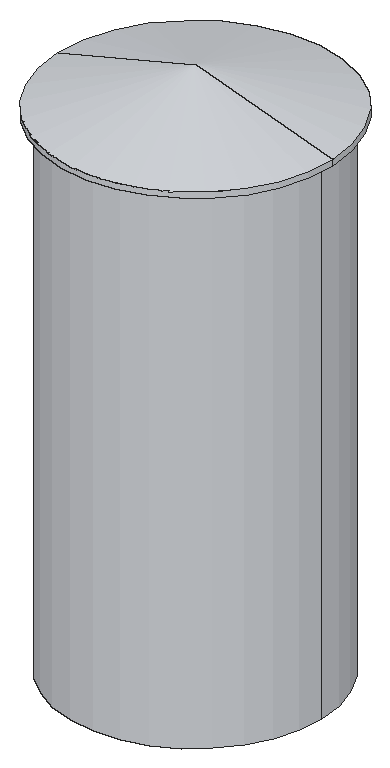
Revit family "M_Reservatório de água", category Modelos genéricos, Revit 2019
Family settings
  Pode hospedar o vergalhão = Não
  Cota do conector redondo = Utilizar diâmetro
  Tipo de parte = Normal
  Número OmniClass = 23.65.20.11.14
  Título OmniClass = Rainwater Tanks
  ID de item do Seek = WaterTank-0000-CAN-ENU
  Com base no plano de trabalho = Não
  Sempre na vertical = Sim
  Corte com vazios quando carregada = Não
  Compartilhado = Não
  Ponto de cálculo do ambiente = Não
Parameters (values of type "Tanque de água")
  Largura superior = Raio + 75 mm  # 990 mm
  Raio = 915 mm
  Altura = 3600 mm
Reference planes
  plane 1 "Centro (Frente/Trás)": y = 0
  plane 2: z = 0
  plane 3 "Centro (Esquerda/Direita)": x = 0
  plane 4 "Parte posterior": y = 915
  plane 5 "Direita": x = 915
  plane 6 "Parte frontal": y = -915
  plane 7 "Esquerda": x = -915
  plane 8 "Superior": z = 3600
Forms (mm)
  Extrusion 1, solid
    sketch origin (0, 0, 0) x (1, 0, 0) y (0, 1, 0)
      loop
        circle (0, 0) r 915
    from 0 to 3600
  Revolve 2, solid
    sketch origin (0, 0, 0) x (1, 0, 0) y (0, 0, 1)
      loop
        line (0, 3600) -> (0, 3905) -> (-990, 3639.73) -> (-990, 3600) -> (0, 3600)
      axis (0, 3600) -> (0, 3905)
    angle from 0 to 360
Dimensions and locks
  "Raio": plane 7 "Esquerda" to plane 3 "Centro (Esquerda/Direita)"
  "Raio": plane 3 "Centro (Esquerda/Direita)" to plane 5 "Direita"
  "Raio": plane 1 "Centro (Frente/Trás)" to plane 4 "Parte posterior"
  "Raio": plane 1 "Centro (Frente/Trás)" to plane 6 "Parte frontal"
  "Largura superior": plane 3 "Centro (Esquerda/Direita)" to Revolve 2 sketch curve
  locked: Revolve 2 sketch curve to plane 8 "Superior" at 39.73
  "Altura": plane 8 "Superior" to plane 2
  "Raio": radius of Extrusion 1 sketch curve
  locked: Revolve 2 sketch curve to plane 3 "Centro (Esquerda/Direita)" (angle 75.00°)
  aligned and locked: plane 8 "Superior" to Extrusion 1
  aligned and locked: Extrusion 1 to Revolve 2 sketch curve
  aligned and locked: plane 3 "Centro (Esquerda/Direita)" to Revolve 2 sketch curve
Automatic sketch dimensions
  Extrusion 1 sketch curve to plane 1 "Centro (Frente/Trás)" = 0 mm
  Extrusion 1 sketch curve to plane 3 "Centro (Esquerda/Direita)" = 0 mm
  Revolve 2 sketch curve to plane 3 "Centro (Esquerda/Direita)" = 0 mm
  Revolve 2 sketch curve to plane 8 "Superior" = 0 mm
  Revolve 2 sketch curve to Revolve 2 sketch curve = 295 mm
